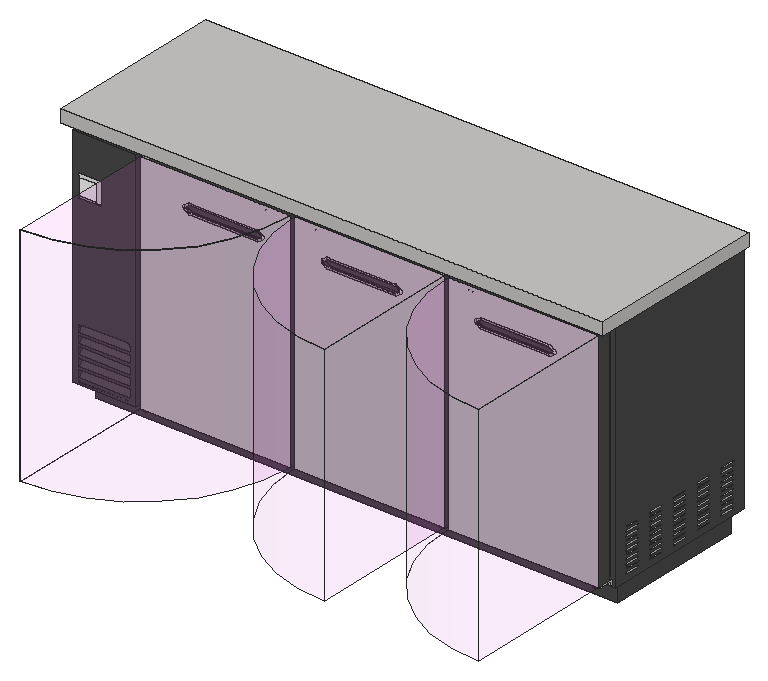
Revit family "QF_Kelvinator_738271_KCHBB72S", category Specialty Equipment, Revit 2021 (continued)
Definition of nested family "KCHBB48S"
  Definition of nested family "Family1"
    Forms (in)
      Extrusion 17, solid
        sketch origin (1, 0.35049, -1.06969) x (0, 0, 1) y (-1, 0, 0)
          loop
            circle (0.77738, -0.54332) r 0.25
        from 0 to 0.125
      Extrusion 18, solid
        sketch origin (2, 0.35049, -1.06969) x (0, 0, 1) y (-1, 0, 0)
          loop
            circle (0.77738, 1.45668) r 0.25
        from 0 to 0.125
      Extrusion 19, solid, visible <- "Show Clearance"
        sketch origin (0, 0, 0) x (1, 0, 0) y (0, 1, 0)
          loop
            line (0, -1.75) -> (0, -21.95)
            arc (0, -21.95) -> (14.28356, -16.03356) -> (20.2, -1.75) r 20.2
            line (20.2, -1.75) -> (0, -1.75)
        from 0 to 30.4
    Cuts and joins
      Extrusion 2, Extrusion 4 cuts Extrusion 1
      joined: Extrusion 7, Extrusion 8, Extrusion 9, Extrusion 10, Extrusion 11, Extrusion 12
      joined: Extrusion 13, Extrusion 14, Extrusion 15, Extrusion 16, Extrusion 17, Extrusion 18
    Lines and regions (in)
      Split face 1
        outline origin (0, -1.75, 30.4) x (-1, 0, 0) y (0, 0, -1)
          loop
            arc (-16.6075, 0.1875) -> (-16.295, 0.5) -> (-16.6075, 0.8125) r 0.3125
            line (-16.6075, 0.8125) -> (-17.70125, 0.8125)
            arc (-17.70125, 0.8125) -> (-18.01375, 0.5) -> (-17.70125, 0.1875) r 0.3125
            line (-17.70125, 0.1875) -> (-16.6075, 0.1875)
      Split face 2
        outline origin (0, -1.75, 30.4) x (-1, 0, 0) y (0, 0, -1)
          loop
            circle (-17.15437, 0.5) r 0.2773
      symbolic lines, visible <- "Show Clearance"
        curve 1: line (1.02191, -2.34, 0) -> (17.49371, -11.85, 0)
        curve 2: arc (17.49371, -11.85, 0) -> (19.43326, -7.26257, 0) -> (20.19138, -2.34, 0) r 20.2
    Dimensions and locks (in)
      equal spacing: plane 3 "LEFT", plane 7 "Center Y", plane 4 "RIGHT"
      "Length": plane 3 "LEFT" to plane 4 "RIGHT"
      equal spacing: plane 5 "FRONT", plane 8 "Center X", plane 1 "BACK"
      "Depth": plane 5 "FRONT" to plane 1 "BACK"
      "Height": plane 6 "TOP" to level
      aligned and locked: level to plane 2
    Automatic sketch dimensions
      Extrusion 1 sketch curve to level = 0"
      Extrusion 1 sketch curve to plane 3 "LEFT" = 0"
      plane 4 "RIGHT" to Extrusion 1 sketch curve = 0"
      Extrusion 1 sketch curve to plane 6 "TOP" = 0"
      Extrusion 2 sketch curve to plane 6 "TOP" = 4.42179"
      Extrusion 2 sketch curve to Extrusion 2 sketch curve = 0.3367"
      Extrusion 2 sketch curve to Extrusion 2 sketch curve = 0.33813"  (x2)
      Extrusion 2 sketch curve to Extrusion 2 sketch curve = 0.09937"  (x2)
      Extrusion 2 sketch curve to Extrusion 2 sketch curve = 0.1008"  (x2)
      plane 12 to Extrusion 2 sketch curve = 5.7715"
      Extrusion 2 sketch curve to Extrusion 2 sketch curve = 0.06211"
      Extrusion 2 sketch curve to Extrusion 2 sketch curve = 0.541"  (x2)
      plane 7 "Center Y" to Extrusion 2 sketch curve = 5.675"
      Extrusion 2 sketch curve to Extrusion 2 sketch curve = 0"
      Extrusion 2 sketch curve to Extrusion 2 sketch curve = 0.47572"
      Extrusion 2 sketch curve to Extrusion 2 sketch curve = 0.063"
      Sweep 3 sketch curve to plane 6 "TOP" = 3.54679"
      Sweep 3 sketch curve to Sweep 3 sketch curve = 0.3367"
      Sweep 3 sketch curve to Sweep 3 sketch curve = 0.33813"  (x2)
      Sweep 3 sketch curve to Sweep 3 sketch curve = 0.09937"  (x2)
      Sweep 3 sketch curve to Sweep 3 sketch curve = 0.1008"  (x2)
      plane 12 to Sweep 3 sketch curve = 5.7715"
      Sweep 3 sketch curve to Sweep 3 sketch curve = 0.06211"
      Sweep 3 sketch curve to Sweep 3 sketch curve = 0.541"  (x2)
      plane 7 "Center Y" to Sweep 3 sketch curve = 5.675"
      Sweep 3 sketch curve to Sweep 3 sketch curve = 0"
      Sweep 3 sketch curve to Sweep 3 sketch curve = 0.47572"
      Sweep 3 sketch curve to Sweep 3 sketch curve = 0.063"
      profile plane to Sweep 3 sketch curve = 0"
      profile plane to Sweep 3 sketch curve = 1/8"
      profile plane to Sweep 3 sketch curve = 2.67809"
      Sweep 3 sketch curve to Sweep 3 sketch curve = 0.12191"
      Split face 1 sketch curve to cut or joined group of Extrusion 1, Extrusion 2, Extrusion 4 = 3/16"
      cut or joined group of Extrusion 1, Extrusion 2, Extrusion 4 to Split face 1 sketch curve = 0.2873"  (x2)
      Split face 1 sketch curve to cut or joined group of Extrusion 1, Extrusion 2, Extrusion 4 = 1/32"
      Split face 2 sketch curve to cut or joined group of Extrusion 1, Extrusion 2, Extrusion 4 = 1/32"
      Split face 2 sketch curve to cut or joined group of Extrusion 1, Extrusion 2, Extrusion 4 = 0.25958"
      Extrusion 1 to Extrusion 4 sketch curve = 15/32"
      Extrusion 1 to Extrusion 4 sketch curve = 2.78605"
      Extrusion 4 sketch curve to Extrusion 4 sketch curve = 0.51916"
      Extrusion 4 sketch curve to Extrusion 4 sketch curve = 1/16"
      Extrusion 5 sketch curve to plane 1 "BACK" = 0"
      level to Extrusion 5 sketch curve = 0.32425"
      Extrusion 5 sketch curve to plane 6 "TOP" = 0.32575"
      Extrusion 5 sketch curve to Extrusion 5 sketch curve = 1/4"
      Extrusion 6 sketch curve to plane 9 = 0"
      level to Extrusion 6 sketch curve = 0.32425"
      Extrusion 6 sketch curve to plane 6 "TOP" = 0.32575"
      Extrusion 6 sketch curve to Extrusion 6 sketch curve = 1/4"
      Extrusion 7 sketch curve to plane 6 "TOP" = 0"
      Extrusion 7 sketch curve to plane 3 "LEFT" = 0"
      Extrusion 7 sketch curve to plane 10 = 0.12956"
      plane 12 to Extrusion 7 sketch curve = 2 11/16"
      Extrusion 8 sketch curve to plane 9 = 0"
      Extrusion 8 sketch curve to plane 3 "LEFT" = 0"
      plane 12 to Extrusion 8 sketch curve = 0.23886"
      Extrusion 8 sketch curve to plane 8 "Center X" = 1/4"
      Extrusion 9 sketch curve to Extrusion 7 = 0.29232"
      Extrusion 9 sketch curve to Extrusion 7 = 0.45668"
      Extrusion 10 sketch curve to plane 8 "Center X" = 0"
      plane 12 to Extrusion 10 sketch curve = 0.23886"
      Extrusion 11 sketch curve to Extrusion 7 = 0.29232"
      Extrusion 11 sketch curve to Extrusion 7 = 1.45668"
      Extrusion 12 sketch curve to Extrusion 7 = 0.29232"
      Extrusion 12 sketch curve to Extrusion 7 = 0.54332"
      Extrusion 13 sketch curve to level = 0"
      Extrusion 13 sketch curve to plane 3 "LEFT" = 0"
      Extrusion 13 sketch curve to plane 11 = 0.12956"
      plane 12 to Extrusion 13 sketch curve = 2 11/16"
      Extrusion 14 sketch curve to plane 3 "LEFT" = 0"
      Extrusion 14 sketch curve to plane 9 = 0"
      Extrusion 14 sketch curve to plane 8 "Center X" = 1/4"
      Extrusion 14 sketch curve to Extrusion 14 sketch curve = 0.55136"
      Extrusion 15 sketch curve to Extrusion 13 = 0.29232"
      Extrusion 15 sketch curve to Extrusion 13 = 0.45668"
      Extrusion 16 sketch curve to plane 8 "Center X" = 0"
      plane 12 to Extrusion 16 sketch curve = 0.23886"
      Extrusion 17 sketch curve to Extrusion 13 = 0.29232"
      Extrusion 17 sketch curve to Extrusion 13 = 1.45668"
      Extrusion 18 sketch curve to Extrusion 13 = 0.29232"
      Extrusion 18 sketch curve to Extrusion 13 = 0.54332"
      Extrusion 19 sketch curve to plane 3 "LEFT" = 0"
      Extrusion 19 sketch curve to plane 4 "RIGHT" = 0"
      plane 5 "FRONT" to Extrusion 19 sketch curve = 0"
      curve 2 to plane 3 "LEFT" = 0"
      curve 1 to plane 14 = 0"
      curve 2 to plane 14 = 0"
      plane 5 "FRONT" to curve 2 = 0"
      plane 13 to curve 1 = 2.39379"
      curve 1 to plane 14 = 9.51"
      plane 12 to curve 1 = 0.70941"
      radius of Split face 2 sketch curve = 0.2773"
      radius of Extrusion 9 sketch curve = 1/4"
      radius of Extrusion 10 sketch curve = 1/4"
      radius of Extrusion 11 sketch curve = 1/4"
      radius of Extrusion 12 sketch curve = 1/4"
      radius of Extrusion 15 sketch curve = 1/4"
      radius of Extrusion 16 sketch curve = 1/4"
      radius of Extrusion 17 sketch curve = 1/4"
      radius of Extrusion 18 sketch curve = 1/4"
